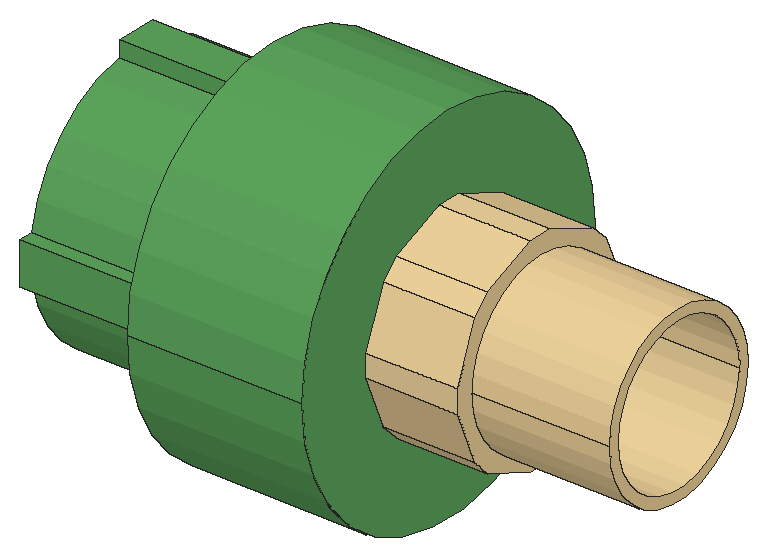
Revit family "Aquatherm_Переходник с наружной резьбой_2", category Соединительные детали трубопроводов, Revit 2019
Family settings
  Размер круглого соединителя = Использовать диаметр
  Тип детали = Переход
  На основе рабочей плоскости = Нет
  Всегда вертикально = Да
  При загрузке вырезать с полостями = Нет
  Общий = Нет
Parameters (values of type "SDR 11")
  Нержавеющая сталь [instance] = not(Латунь)  # no
  Материал_Корпус_2 = AquaTherm латунь pipe
  Материал_Корпус = AquaTherm green pipe
  Латунь [instance] = yes
  z2 [instance] = size_lookup("Переходник с наружной резьбой", "z2", 18 mm, d, R, lt)  # 20 mm
  z1 [instance] = z2 / 3 * 2  # 13.333 mm
  z [instance] = size_lookup("Переходник с наружной резьбой", "z", 18 mm, d, R, lt)  # 60.5 mm
  r [instance] = R - 3 mm  # 22 mm
  n [instance] = z2  # 20 mm
  m [instance] = z  # 60.5 mm
  lt [instance] = if(Латунь, 1 mm, 0 mm)  # 1 mm
  d1 [instance] = R - 8 mm  # 17 mm
  URL = "www.agpipe.ru"
  d [instance] = 32 mm
  SW' [instance] = SW - 1 mm  # 29 mm
  SW [instance] = if(d > R, size_lookup("Переходник с наружной резьбой", "SW", 18 mm, d, R, lt), R + 4 mm)  # 30 mm
  SDR = 11 mm
  R [instance] = 25 mm
  L [instance] = size_lookup("Переходник с наружной резьбой", "L", 18 mm, d, R, lt)  # 78.5 mm
  D2 [instance] = D1 + 4 mm  # 42 mm
  D1 [instance] = d + 6 mm  # 38 mm
  D [instance] = size_lookup("Переходник с наружной резьбой", "D", 18 mm, d, R, lt)  # 53 mm
  ADSK_Примечание = ""
  ADSK_Позиция [instance] = ""
  ADSK_Обозначение = ""
  ADSK_Наименование [instance] = size_lookup("Переходник с наружной резьбой", "ADSK_Наименование", "Нет в каталоге", d, R, lt)  # "Переходник с наружной резьбой DN32x1''"
  ADSK_Масса_Текст [instance] = size_lookup("Переходник с наружной резьбой", "ADSK_Масса_Текст", "Нет в каталоге", d, R, lt)  # "0.216"
  ADSK_Код изделия [instance] = size_lookup("Переходник с наружной резьбой", "ADSK_Код изделия", "Нет в каталоге", d, R, lt)  # "21314"
  ADSK_Завод-изготовитель = "Aquatherm"  # constant formula
  ADSK_Единица измерения = "шт."  # constant formula
  1 [instance] = 1 = 1  # yes
Types (5, lengths in mm): name | z2 | z1 | z | r | n | m | d1 | d | SW' | SW | SDR | R | L | D2 | D1 | D | ADSK_Наименование | ADSK_Масса_Текст | ADSK_Код изделия
  (no name) | 20 | 13.333 | 60.5 | 22 | 20 | 60.5 | 17 | 32 | 29 | 30 | 11 | 25 | 78.5 | 42 | 38 | 53 | "Переходник с наружной резьбой DN32x1''" | "0.216" | "21314"
  SDR 6 | 26.7 | 17.8 | 75 | 62 | 26.7 | 75 | 57 | 75 | 64 | 65 | 6 | 65 | 105 | 85 | 81 | 100 | "Переходник с наружной резьбой DN75x2 1/2''" | "0.97" | "21324"
  SDR 7.4 | 20 | 13.333 | 60.5 | 22 | 20 | 60.5 | 17 | 32 | 29 | 30 | 7.4 | 25 | 78.5 | 42 | 38 | 53 | "Переходник с наружной резьбой DN32x1''" | "0.216" | "21314"
  SDR 9 | 20 | 13.333 | 60.5 | 22 | 20 | 60.5 | 17 | 32 | 29 | 30 | 9 | 25 | 78.5 | 42 | 38 | 53 | "Переходник с наружной резьбой DN32x1''" | "0.216" | "21314"
  SDR 11 | 20 | 13.333 | 60.5 | 22 | 20 | 60.5 | 17 | 32 | 29 | 30 | 11 | 25 | 78.5 | 42 | 38 | 53 | "Переходник с наружной резьбой DN32x1''" | "0.216" | "21314"
Reference planes
  plane 1 "По центру (Вперед/Назад)": y = 0
  plane 2: z = 0
  plane 3 "По центру (Влево/Вправо)": x = 0
  plane 4: x = -39.25
  plane 5: x = 39.25
  plane 6: x = -21.25
  plane 7: x = 5.917
  plane 8: x = 19.25
Forms (mm)
  Extrusion 1, solid, material "AquaTherm green pipe" <- "Материал_Корпус", visible <- "1"
    sketch origin (0, 0, 0) x (0, 1, 0) y (0, 0, 1)
      loop
        circle (0, 0) r 19
    from -39.25 to -19.3
  Extrusion 2, solid, material "AquaTherm green pipe" <- "Материал_Корпус", visible <- "1"
    sketch origin (0, 0, 0) x (0, 1, 0) y (0, 0, 1)
      loop
        circle (0, 0) r 26.5
    from -19.3 to 5.917
  Extrusion 3, solid, material "AquaTherm green pipe" <- "Материал_Корпус", visible <- "1"
    sketch origin (0, 0, 0) x (0, 1, 0) y (0, 0, 1)
      loop
        line (3, -21) -> (3, 21) -> (-3, 21) -> (-3, -21) -> (3, -21)
    from -39.25 to -19.3
  Extrusion 4, solid, material "AquaTherm green pipe" <- "Материал_Корпус", visible <- "1"
    sketch origin (0, 0, 0) x (0, 1, 0) y (0, 0, 1)
      loop
        line (-21, -3) -> (21, -3) -> (21, 3) -> (-21, 3) -> (-21, -3)
    from -39.25 to -19.3
  Extrusion 5, void
    sketch origin (0, 0, 0) x (0, 1, 0) y (0, 0, 1)
      loop
        circle (0, 0) r 12.5
    from -6.692 to 2.667
  Extrusion 6, void
    sketch origin (0, 0, 0) x (0, 1, 0) y (0, 0, 1)
      loop
        circle (0, 0) r 16
    from -39.25 to -19.3
  Extrusion 7, void
    sketch origin (0, 0, 0) x (0, 1, 0) y (0, 0, 1)
      loop
        circle (0, 0) r 8.5
    from -19.3 to 0
  Extrusion 8, solid, material "AquaTherm латунь pipe" <- "Материал_Корпус_2", visible <- "1"
    sketch origin (0, 0, 0) x (0, 1, 0) y (0, 0, 1)
      loop
        circle (0, 0) r 12.5
    from 19.25 to 39.25
  Extrusion 9, void
    sketch origin (0, 0, 0) x (0, 1, 0) y (0, 0, 1)
      loop
        circle (0, 0) r 11
    from 2.667 to 39.25
  Extrusion 10, solid, material "AquaTherm латунь pipe" <- "Материал_Корпус_2", visible <- "1"
    sketch origin (0, 0, 0) x (0, 1, 0) y (0, 0, 1)
      loop
        circle (0, 0) r 11
      loop
        line (-6.213, 15) -> (-15, 6.213) -> (-15, -6.213) -> (-6.213, -15) -> (6.213, -15) -> (15, -6.213) -> (15, 6.213) -> (6.213, 15) -> (-6.213, 15)
    from 5.917 to 19.25
  Extrusion 11, void
    sketch origin (0, 0, 0) x (0, 1, 0) y (0, 0, 1)
      loop
        line (0, 15.695) -> (-11.098, 11.098) -> (-15.695, 0) -> (-11.098, -11.098) -> (0, -15.695) -> (11.098, -11.098) -> (15.695, 0) -> (11.098, 11.098) -> (0, 15.695)
      loop
        circle (0, 0) r 53
    from 5.917 to 19.25
Cuts and joins
  Extrusion 6, Extrusion 7 cuts Extrusion 1
  Extrusion 6, Extrusion 7 cuts Extrusion 3
  Extrusion 6, Extrusion 7 cuts Extrusion 4
  joined: Extrusion 1, Extrusion 3, Extrusion 4
  Extrusion 5, Extrusion 6, Extrusion 7, Extrusion 9, Extrusion 11 cuts Extrusion 2
  Extrusion 9 cuts Extrusion 8
  Extrusion 11 cuts Extrusion 10
Lines and regions (mm)
  reference lines
    curve 1: line (-21.25, 0, 0) -> (19.25, 0, 0)
Dimensions and locks
  equal spacing: plane 4, plane 3 "По центру (Влево/Вправо)", plane 5
  "L": plane 4 to plane 5
  "m": plane 6 to plane 5
  locked: plane 6 to Extrusion 1 at 1.95
  equal spacing: Extrusion 3 sketch curve, level, Extrusion 3 sketch curve
  "D2": Extrusion 3 sketch curve to Extrusion 3 sketch curve
  equal spacing: Extrusion 4 sketch curve, plane 1 "По центру (Вперед/Назад)", Extrusion 4 sketch curve
  "D2": Extrusion 4 sketch curve to Extrusion 4 sketch curve
  locked: cut or joined group of Extrusion 2, Extrusion 5, Extrusion 6, Extrusion 7, Extrusion 9, Extrusion 11 to plane 7 at 3.25
  "z1": plane 7 to plane 8
  "z2": plane 8 to plane 5
  equal spacing: cut or joined group of Extrusion 2, Extrusion 5, Extrusion 6, Extrusion 7, Extrusion 9, Extrusion 11, cut or joined group of Extrusion 2, Extrusion 5, Extrusion 6, Extrusion 7, Extrusion 9, Extrusion 11, cut or joined group of Extrusion 2, Extrusion 5, Extrusion 6, Extrusion 7, Extrusion 9, Extrusion 11
  equal spacing: Extrusion 10 sketch curve, level, Extrusion 10 sketch curve
  "SW": Extrusion 10 sketch curve to Extrusion 10 sketch curve  (x4)
  equal spacing: Extrusion 10 sketch curve, curve 1, Extrusion 10 sketch curve  (x3)
  equal spacing: Extrusion 11 sketch curve, curve 1, Extrusion 11 sketch curve  (x4)
  "SW'": Extrusion 11 sketch curve to Extrusion 11 sketch curve  (x4)
  "D1": diameter of Extrusion 1 sketch curve
  "D": diameter of Extrusion 2 sketch curve
  "R": diameter of Extrusion 5 sketch curve
  "d": diameter of Extrusion 6 sketch curve
  "d1": diameter of Extrusion 7 sketch curve
  "R": diameter of Extrusion 8 sketch curve
  "r": diameter of Extrusion 9 sketch curve
  "r": diameter of Extrusion 10 sketch curve
  "D": radius of Extrusion 11 sketch curve
  locked: Extrusion 10 sketch curve to Extrusion 10 sketch curve (angle 135.00°)  (x4)
  locked: Extrusion 11 sketch curve to Extrusion 11 sketch curve (angle 135.00°)  (x4)
  aligned and locked: level to plane 2
  aligned and locked: Extrusion 1 to plane 4
  aligned and locked: Extrusion 2 to Extrusion 1
  aligned and locked: Extrusion 4 to plane 4
  aligned and locked: Extrusion 3 to plane 4
  aligned and locked: Extrusion 1 to Extrusion 3
  aligned and locked: Extrusion 4 to Extrusion 1
  aligned and locked: Extrusion 6 to plane 4
  aligned and locked: plane 7 to Extrusion 2
  aligned and locked: Extrusion 2 to Extrusion 7
  aligned and locked: Extrusion 6 to Extrusion 2
  aligned and locked: plane 5 to Extrusion 8
  aligned and locked: plane 3 "По центру (Влево/Вправо)" to Extrusion 7
  aligned and locked: Extrusion 9 to Extrusion 5
  aligned and locked: plane 5 to Extrusion 9
  aligned and locked: plane 6 to curve 1
  aligned and locked: plane 8 to Extrusion 10
  aligned and locked: Extrusion 10 to plane 7
  aligned and locked: cut or joined group of Extrusion 10, Extrusion 11 to plane 7
  aligned and locked: plane 8 to Extrusion 11
  aligned and locked: plane 8 to curve 1
  aligned and locked: cut or joined group of Extrusion 8, Extrusion 9 to plane 8
Automatic sketch dimensions
  plane 1 "По центру (Вперед/Назад)" to curve 1 = 0 mm
  Extrusion 1 sketch curve to level = 0 mm
  Extrusion 1 sketch curve to plane 1 "По центру (Вперед/Назад)" = 0 mm
  Extrusion 2 sketch curve to level = 0 mm
  Extrusion 2 sketch curve to plane 1 "По центру (Вперед/Назад)" = 0 mm
  plane 1 "По центру (Вперед/Назад)" to Extrusion 3 sketch curve = 3 mm
  Extrusion 3 sketch curve to plane 1 "По центру (Вперед/Назад)" = 3 mm
  Extrusion 4 sketch curve to level = 3 mm
  level to Extrusion 4 sketch curve = 3 mm
  Extrusion 5 sketch curve to level = 0 mm
  Extrusion 5 sketch curve to plane 1 "По центру (Вперед/Назад)" = 0 mm
  Extrusion 6 sketch curve to level = 0 mm
  Extrusion 6 sketch curve to plane 1 "По центру (Вперед/Назад)" = 0 mm
  Extrusion 7 sketch curve to level = 0 mm
  Extrusion 7 sketch curve to plane 1 "По центру (Вперед/Назад)" = 0 mm
  Extrusion 8 sketch curve to level = 0 mm
  Extrusion 8 sketch curve to plane 1 "По центру (Вперед/Назад)" = 0 mm
  Extrusion 9 sketch curve to level = 0 mm
  Extrusion 9 sketch curve to plane 1 "По центру (Вперед/Назад)" = 0 mm
  Extrusion 10 sketch curve to level = 0 mm
  Extrusion 10 sketch curve to plane 1 "По центру (Вперед/Назад)" = 0 mm
  Extrusion 11 sketch curve to plane 1 "По центру (Вперед/Назад)" = 0 mm  (x2)
  Extrusion 11 sketch curve to level = 0 mm  (x2)
Connectors
  piping at (-21.25, 0, 0), diameter 32, driven by "d"
    settings: on curve 1, index 1, connector inside diameter 609.6 mm, connector length 0 mm, flow factor 0, pipe flow 0.0 L/s, pressure drop 0.0 Pa, fitting loss kfactor 0, connector angle 0.00°, fixture units 0, engagement length 0 mm, angle of deflection 0.00°, flow configuration 0, flow direction 0, fitting loss method 0, system type 28, joint type 0, gender type 0, connector reference index 2, connector utility 0, adjustable connector no, is connector primary yes, connector description ""
  piping at (19.25, 0, 0), diameter 25, driven by "R"
    settings: on curve 1, index 2, connector inside diameter 609.6 mm, connector length 0 mm, flow factor 0, pipe flow 0.0 L/s, pressure drop 0.0 Pa, fitting loss kfactor 0, connector angle 0.00°, fixture units 0, engagement length 0 mm, angle of deflection 0.00°, flow configuration 0, flow direction 0, fitting loss method 0, system type 28, joint type 0, gender type 0, connector reference index 1, connector utility 0, adjustable connector no, is connector primary no, connector description ""
